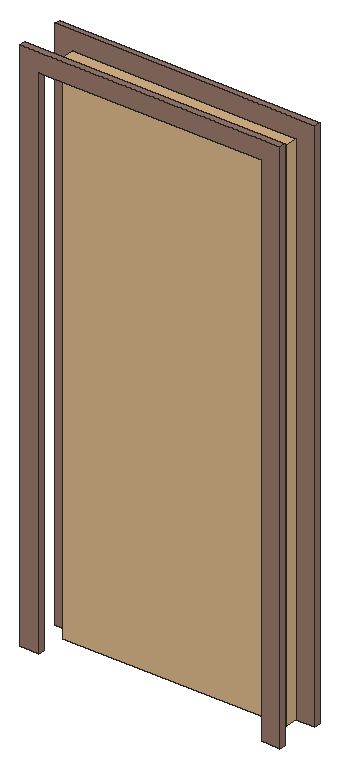
Revit family
Parameters (values of type "0915 x 2134mm")
  Thickness = 51.00 mm
  Door Material = Door - Panel
  Frame Material = Door - Frame
  Height = 2134.00 mm
  Rail Width - Center = 102.00 mm
  Top Panel = 915.00 mm
  Trim Projection Ext. = 25.00 mm
  Trim Projection Int. = 25.00 mm
  Trim Width Ext. = 76.00 mm
  Trim Width Int. = 76.00 mm
  Wall Closure = (empty or 0)
  Width = 915.00 mm
Types (7, lengths in mm): name | Height | Width
  0915 x 2134mm | 2134.00 | 915.00
  0864 x 2134mm | 2134.00 | 864.00
  0762 x 2134mm | 2134.00 | 762.00
  0762 x 2032mm | 2032.00 | 762.00
  0915 x 2032mm | 2032.00 | 915.00
  0864 x 2032mm | 2032.00 | 864.00
  0813 x 2134mm | 2134.00 | 813.00
Reference planes
  plane 1: y = 0
  plane 2: z = 0
  plane 3: x = 0
  plane 4: x = -457.5
  plane 5: x = 457.5
  plane 6: z = 2134
Forms (mm)
  Extrusion 1, solid, material "Door - Panel" <- "Door Material"
    sketch origin (-1524, -76.2, 0) x (1, 0, 0) y (0, 0, 1)
      loop
        line (1981.5, 2134) -> (1066.5, 2134) -> (1066.5, 0) -> (1981.5, 0) -> (1981.5, 2134)
    from -152.4 to -101.4
  Extrusion 2, solid, material "Door - Frame" <- "Frame Material"
    sketch origin (-1524, -76.2, 0) x (1, 0, 0) y (0, 0, 1)
      loop
        line (990.5, 2210) -> (990.5, 0) -> (1066.5, 0) -> (1066.5, 2134) -> (1981.5, 2134) -> (1981.5, 0) -> (2057.5, 0) -> (2057.5, 2210) -> (990.5, 2210)
    from 0 to 25
  Extrusion 3, solid, material "Door - Frame" <- "Frame Material"
    sketch origin (-1524, 76.2, 0) x (-1, 0, 0) y (0, 0, 1)
      loop
        line (-2057.5, 2210) -> (-2057.5, 0) -> (-1981.5, 0) -> (-1981.5, 2134) -> (-1066.5, 2134) -> (-1066.5, 0) -> (-990.5, 0) -> (-990.5, 2210) -> (-2057.5, 2210)
    from 0 to 25
Lines and regions (mm)
  Opening 1
    outline origin (-1524, -76.2, 3657.6) x (0, 0, -1) y (1, 0, 0)
      loop
        line (1523.6, 1066.5) -> (3657.6, 1066.5) -> (3657.6, 1981.5) -> (1523.6, 1981.5) -> (1523.6, 1066.5)
  symbolic lines, style "DoorsPanelProjection"
    curve 1: line (457.5, 76.2, 0) -> (406.5, 76.2, 0)
    curve 2: line (457.5, 76.2, 0) -> (457.5, 991.2, 0)
    curve 3: line (457.5, 991.2, 0) -> (406.5, 991.2, 0)
    curve 4: line (406.5, 76.2, 0) -> (406.5, 991.2, 0)
  symbolic lines, style "Plan Swing"
    curve 5: arc (457.5, 991.2, 0) -> (-189.503, 723.203, 0) -> (-457.5, 76.2, 0) r 915
  symbolic lines, style "Dashed Line"
    curve 6: line (457.5, 25.2, 0) -> (406.5, 25.2, 0)
    curve 7: line (457.5, 25.2, 0) -> (457.5, -889.8, 0)
    curve 8: line (457.5, -889.8, 0) -> (406.5, -889.8, 0)
    curve 9: line (406.5, 25.2, 0) -> (406.5, -889.8, 0)
    curve 10: arc (-457.5, 25.2, 0) -> (-189.503, -621.803, 0) -> (457.5, -889.8, 0) r 915
  symbolic lines, style "Elevation Swing"
    curve 11: line (-457.5, 0, 2134) -> (457.5, 0, 1067)
    curve 12: line (457.5, 0, 1067) -> (-457.5, 0, 0)
Dimensions and locks
  equal spacing: plane 4, plane 3, plane 5
  "Width": plane 4 to plane 5
  locked: host wall to curve 1
  locked: host wall to curve 5 at 0
  "Height": plane 6 to plane 2
  "Thickness": curve 4 to plane 5
  "Thickness": Extrusion 1 to Extrusion 1
  "Thickness": Extrusion 1 to host wall
  "Trim Projection Ext.": Extrusion 3 to host wall
  "Trim Projection Int.": Extrusion 2 to host wall
  "Trim Width Int.": Extrusion 2 sketch curve to plane 4
  "Trim Width Int.": plane 5 to Extrusion 2 sketch curve
  "Trim Width Int.": Extrusion 2 sketch curve to plane 6
  "Trim Width Ext.": plane 5 to Extrusion 3 sketch curve
  "Trim Width Ext.": Extrusion 3 sketch curve to plane 4
  "Trim Width Ext.": plane 6 to Extrusion 3 sketch curve
  equal spacing: level, curve 12, plane 6
  aligned and locked: plane 5 to Extrusion 1 sketch curve
  aligned and locked: Extrusion 1 sketch curve to plane 6
  aligned and locked: plane 4 to Extrusion 1 sketch curve
  aligned and locked: Extrusion 1 to host wall  (x3)
  aligned and locked: host wall to Extrusion 1
  aligned and locked: curve 6 to Extrusion 1  (x2)
  aligned and locked: curve 1 to curve 9
  aligned and locked: curve 10 to Extrusion 1
Automatic sketch dimensions
  Opening 1 sketch curve to plane 6 = 0.00 mm
  Opening 1 sketch curve to level = 0.00 mm
  Opening 1 sketch curve to plane 4 = 0.00 mm
  Opening 1 sketch curve to plane 5 = 0.00 mm
  curve 5 to plane 4 = 0.00 mm
  curve 10 to plane 4 = 0.00 mm
  curve 3 to plane 5 = 0.00 mm
  Extrusion 2 sketch curve to level = 0.00 mm  (x2)
  Extrusion 2 sketch curve to plane 4 = 0.00 mm
  Extrusion 2 sketch curve to plane 5 = 0.00 mm
  Extrusion 2 sketch curve to plane 6 = 0.00 mm
  Extrusion 3 sketch curve to level = 0.00 mm  (x2)
  Extrusion 3 sketch curve to plane 5 = 0.00 mm
  Extrusion 3 sketch curve to plane 4 = 0.00 mm
  Extrusion 3 sketch curve to plane 6 = 0.00 mm
  Extrusion 1 sketch curve to level = 0.00 mm
  curve 11 to plane 4 = 0.00 mm
  curve 11 to plane 6 = 0.00 mm
  curve 12 to plane 5 = 0.00 mm
  curve 12 to level = 0.00 mm
  curve 12 to plane 4 = 0.00 mm
